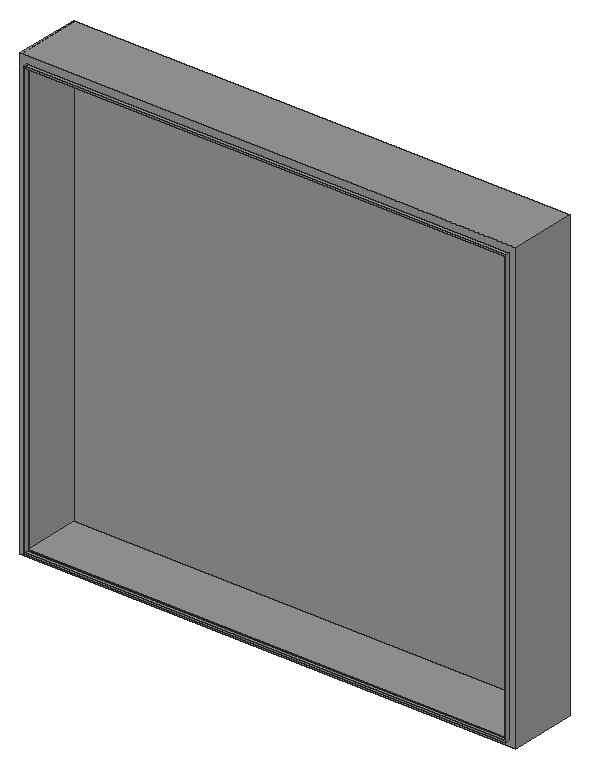
Revit family "Hager-Univers-IP30-D160-QS-Cl.II-FWQ_encl-NoHosted-AT-de", category Equipement électrique, Revit 2020
Family settings
  Configuration du panneau = Deux colonnes, circuits au sein
  Cote de connecteur circulaire = Utiliser le diamètre
  Type d'élément = Tableau de raccordement
  Basée sur le plan de construction = Oui
  Toujours verticalement = Oui
  Couper avec des vides une fois chargée = Non
  Partagée = Non
  Point de calcul de pièce = Non
Parameters (values of type "Aufputz IP30 B1050 H950 T160  - FWQ64D1")
  Width Control [instance] = if([EF000008 - Breite] > Min Width, [EF000008 - Breite], Min Width)  # 1050 mm
  Commentaires du type = [HG000003 - Bereich]  # "Univers"
  Thickness Door [instance] = if([EF009171 - Materialstärke Tür/Deckel] > 3 mm, 3 mm, [EF009171 - Materialstärke Tür/Deckel])  # 2 mm
  Seal Frame Offset [instance] = 17 mm  # constant formula
  Plinth Visibility [instance] = [HG000027 - Sockelhöhe] > 0 mm  # no
  Min Width [instance] = 100 mm  # constant formula
  Min Depth [instance] = (2 * [EF009170 - Materialstärke Gehäuse]) + 1 mm  # 5 mm
  Min Height [instance] = 100 mm  # constant formula
  Internal Frame Depth [instance] = (Door System Depth * 0.5)  # 9 mm
  Panel Name [instance] = ""  # (empty or 0)
  Model = ""
  HG000027 - Sockelhöhe = 0 mm
  HG000026 - Stehend auf dem Boden = no
  HG000024 - Höhe des unteren Teils = 600 mm
  HG000023 - Gehäuse mit doppeltem Querschnitt = no
  HG000016 - 3D-Türsichtbarkeit [instance] = yes
  HG000015 - Sichtbarkeit der Türöffnung [instance] = no
  HG000014 - Tür rechts [instance] = yes
  HG000013 - Tür links [instance] = not([HG000014 - Tür rechts])  # no
  HG000012 - Türschwenkwinkel [instance] = 30.00°
  HG000010 - Asymmetrische Türen = no
  HG000009 - Doppelflügeligen Tür = no
  HG000006 - Unterputz = no
  HG000004 - Herstellerreferenz = "FWQ64D1"
  HG000003 - Bereich = "Univers"
  HG000002 - Mit tür = no
  Frame Offset Bottom [instance] = 10 mm  # constant formula
  Frame Offset [instance] = 15 mm  # constant formula
  EF015940 - Deckel mit Überdruckentlastung = no
  EF011959 - Schutzart (NEMA) = ""
  EF009554 - Anzahl der Öffnungen für Flanschplatten = 8
  EF009212 - Ausführung Deckel = "EV009916 - mit Ausschnitt"
  EF009171 - Materialstärke Tür/Deckel = 2 mm
  EF009170 - Materialstärke Gehäuse = 2 mm
  EF008873 - Nennstrom (In) = 125 A
  EF007800 - Geeignet für Blitzschutz = no
  EF006306 - Mit Schloss = no
  EF006244 - Transparenter Deckel/Tür = no
  EF005474 - Schutzart (IP) = "EV006410 - IP30"
  EF004464 - Art der Tür = "EV002646 - Einzel"
  EF004427 - Anzahl der Module = 288
  EF004293 - Schlagfestigkeit = ""
  EF003532 - Geeignet für Außengebrauch = no
  EF002950 - Breite in Teilungseinheiten = 48
  EF001613 - Funktionserhalt = "EV000494 - ohne"
  EF001596 - Werkstoff des Gehäuses = "EV000179 - Stahl"
  EF001131 - Innentiefe = 160 mm
  EF001088 - Anbaumöglichkeit = yes
  EF000437 - Anzahl der Leitungseinführungen = 16
  EF000339 - Art der Abdeckung = "EV001012 - Deckel"
  EF000266 - Anzahl der Reihen = 24
  EF000218 - Einbautiefe = 0 mm
  EF000118 - Mit Montageplatte = yes
  EF000116 - RAL-Nummer = "9010"
  EF000049 - Tiefe = 160 mm
  EF000040 - Höhe = 950 mm
  EF000008 - Breite = 1050 mm
  EF000007 - Farbe = "EV000202 - weiß"
  EF000003 - Montageart = "EV000384 - Aufputz"
  Door System Leaf Tolerance [instance] = 1.5 mm  # constant formula
  Door System Depth [instance] = 18 mm  # constant formula
  Door Height [instance] = Height Control - [HG000027 - Sockelhöhe]  # 950 mm
  Description = ""
  Default Elevation = 1219.2 mm
  Connector Offset [instance] = Height Control / 2  # 475 mm
  Fabricant = "Hager"  # constant formula
  Height Control [instance] = if([EF000040 - Höhe] > Min Height, [EF000040 - Höhe], Min Height)  # 950 mm
  Depth Control [instance] = if([EF000049 - Tiefe] > Min Depth, [EF000049 - Tiefe], Min Depth)  # 160 mm
  Bottom Top Plate Trim [instance] = 1.5 mm  # constant formula
  Plinth height Ctrl [instance] = if([HG000027 - Sockelhöhe] > 0 mm, [HG000027 - Sockelhöhe], 12 mm)  # 12 mm
Reference planes
  plane 1 "Center (Front/Back)": y = 0
  plane 2: z = 0
  plane 3 "Center (Left/Right)": x = 0
  plane 4: y = 0
  plane 5: y = 0
  plane 6: z = 0
  plane 7: x = -525
  plane 8: x = 525
  plane 9: x = 523
  plane 10: x = -523
  plane 11: z = 0
  plane 12: z = 2
  plane 13: y = -160
  plane 14: y = -2
  plane 15: x = 0
  plane 16: y = -142
  plane 17: y = -158
  plane 18: y = -140
  plane 19: x = -508
  plane 20: x = 508
  plane 21: z = 12
  plane 22: x = -508
  plane 23: x = 508
  plane 24: z = 0
  plane 25: z = 950
  plane 26: z = 950
  plane 27: z = 933
  plane 28: z = 948
Forms (mm)
  Extrusion 1, solid, material "Hager_Steel_RAL7035_Light_Grey", detail levels medium+fine
    sketch origin (-208.679, -4572, 0) x (-1, 0, 0) y (0, -1, 0)
      loop
        line (316.321, -4430) -> (-733.679, -4430) -> (-733.679, -4572) -> (316.321, -4572) -> (316.321, -4430)
    from 0 to 950
  Extrusion 2, void
    sketch origin (-350.771, -160, 1219.2) x (1, 0, 0) y (0, 0, 1)
      loop
        line (-172.229, -271.2) -> (-172.229, -1217.2) -> (873.771, -1217.2) -> (873.771, -271.2) -> (-172.229, -271.2)
    from -20 to -158
  Extrusion 3, void
    sketch origin (-290.084, -142, 1219.2) x (1, 0, 0) y (0, 0, 1)
      loop
        line (-217.916, -1207.2) -> (798.084, -1207.2) -> (798.084, -286.2) -> (-217.916, -286.2) -> (-217.916, -1207.2)
    from 0 to -2
  Extrusion 4, solid, material "Hager_Steel_RAL7035_Light_Grey", visible <- "Plinth Visibility", detail levels medium+fine
    sketch origin (0, 0, 0) x (1, 0, 0) y (0, 1, 0)
      loop
        line (-525, 0) -> (-525, -142) -> (525, -142) -> (525, 0) -> (-525, 0)
    from 0 to 12 <- "Plinth height Ctrl"
  Extrusion 5, solid, material "Hager_Steel_RAL7035_Light_Grey", detail levels coarse
    sketch origin (0, 0, 0) x (1, 0, 0) y (0, 1, 0)
      loop
        line (-525, 0) -> (-525, -160) -> (525, -160) -> (525, 0) -> (-525, 0)
    from 0 to 950 <- "Height Control"
  Sweep 6, void
    path in 3D
      loop
        line (-525, -142, 12) -> (525, -142, 12) -> (525, 0, 12) -> (-525, 0, 12) -> (-525, -142, 12)
    profile origin (-525, -71, 12) x (1, 0, 0) y (0, 0, 1)
      loop
        line (0, 0) -> (0, -1.5) -> (1.5, -1.5)
        arc (1.5, -1.5) -> (1.061, -0.439) -> (0, 0) r 1.5
  Extrusion 7, solid, material "Hager_Steel_RAL7035_Light_Grey", detail levels fine
    sketch origin (-525, -142, 0) x (1, 0, 0) y (0, 0, 1)
      loop
        line (17, 12) -> (1033, 12) -> (1033, 933) -> (17, 933) -> (17, 12)
      loop
        line (15, 10) -> (1035, 10) -> (1035, 935) -> (15, 935) -> (15, 10)
    from 0 to 9 <- "Internal Frame Depth"
Cuts and joins
  Extrusion 2, Extrusion 3 cuts Extrusion 1
  Sweep 6 cuts Extrusion 4
Lines and regions (mm)
  Masking region 1
    outline origin (0, 0, 0) x (1, 0, 0) y (0, 1, 0)
      loop
        line (-525, 0) -> (-525, -160) -> (525, -160) -> (525, 0) -> (-525, 0)
  Masking region 2, detail levels coarse
    outline origin (-290.084, -142, 1219.2) x (-1, 0, 0) y (0, 0, 1)
      loop
        line (-815.084, -1219.2) -> (234.916, -1219.2) -> (234.916, -269.2) -> (-815.084, -269.2) -> (-815.084, -1219.2)
  Masking region 3, detail levels coarse
    outline origin (0, 0, 0) x (0, 1, 0) y (0, 0, 1)
      loop
        line (0, 0) -> (0, 950) -> (-160, 950) -> (-160, 0) -> (0, 0)
  Masking region 4, visible <- "Plinth Visibility", detail levels medium+fine
    outline origin (0, 0, 0) x (0, 1, 0) y (0, 0, 1)
      loop
        line (-1.5, 12) -> (-140.5, 12)
        arc (-140.5, 12) -> (-140.939, 10.939) -> (-142, 10.5) r 1.5
        line (-142, 10.5) -> (-142, 0) -> (0, 0) -> (0, 10.5)
        arc (0, 10.5) -> (-1.061, 10.939) -> (-1.5, 12) r 1.5
  Masking region 5, detail levels medium+fine
    outline origin (0, 0, 594.038) x (0, 1, 0) y (0, 0, 1)
      loop
        line (0, -594.038) -> (0, 355.962) -> (-142, 355.962) -> (-142, -594.038) -> (0, -594.038)
  Masking region 6, detail levels medium+fine
    outline origin (-359.7, -142, 1211.883) x (-1, 0, 0) y (0, 0, 1)
      loop
        line (-884.7, -1211.883) -> (165.3, -1211.883) -> (165.3, -261.883) -> (-884.7, -261.883) -> (-884.7, -1211.883)
  Masking region 7, visible <- "Plinth Visibility", detail levels medium+fine
    outline origin (-320.334, -142, 1041.368) x (-1, 0, 0) y (0, 0, 1)
      loop
        line (-845.334, -1041.368) -> (204.666, -1041.368) -> (204.666, -1030.868)
        arc (204.666, -1030.868) -> (203.606, -1030.429) -> (203.166, -1029.368) r 1.5
        line (203.166, -1029.368) -> (-843.834, -1029.368)
        arc (-843.834, -1029.368) -> (-844.273, -1030.429) -> (-845.334, -1030.868) r 1.5
        line (-845.334, -1030.868) -> (-845.334, -1041.368)
  sketch lines
    curve 1: line (-525, 0, 12) -> (-525, -142, 12)
    curve 2: line (-525, -142, 12) -> (525, -142, 12)
    curve 3: line (525, 0, 12) -> (-525, 0, 12)
    curve 4: line (525, -142, 12) -> (525, 0, 12)
Dimensions and locks
  locked: plane 1 "Center (Front/Back)" to plane 5
  "EF009170 - Materialstärke Gehäuse": plane 7 to plane 10
  "EF009170 - Materialstärke Gehäuse": plane 8 to plane 9
  equal spacing: plane 7, plane 3 "Center (Left/Right)", plane 8
  "Width Control": plane 7 to plane 8
  "Depth Control": plane 4 to plane 13
  "EF009170 - Materialstärke Gehäuse": plane 4 to plane 14
  "Height Control": plane 25 to level
  "HG000027 - Sockelhöhe": plane 11 to level
  "EF009170 - Materialstärke Gehäuse": plane 12 to plane 11
  "EF009170 - Materialstärke Gehäuse": plane 17 to plane 13
  "EF009170 - Materialstärke Gehäuse": plane 18 to plane 16
  "Frame Offset Bottom": plane 21 to plane 12
  "Frame Offset": plane 10 to plane 19
  "Frame Offset": plane 9 to plane 20
  "Door System Depth": plane 16 to plane 13
  "Seal Frame Offset": plane 7 to plane 22
  "Seal Frame Offset": plane 8 to plane 23
  "EF009170 - Materialstärke Gehäuse": plane 26 to plane 28
  "Frame Offset": plane 28 to plane 27
  "Connector Offset": plane 2 to connector elem
  "Bottom Top Plate Trim": profile plane to Sweep 6 sketch curve
  "Bottom Top Plate Trim": Sweep 6 sketch curve to Sweep 6 sketch curve
  "Plinth height Ctrl": Masking region 4 sketch curve to level
  "Plinth height Ctrl": Masking region 7 sketch curve to level
  "Thickness Door": Extrusion 7 sketch curve to Extrusion 7 sketch curve  (x4)
  "Bottom Top Plate Trim": radius of Sweep 6 sketch curve
  "Bottom Top Plate Trim": radius of Masking region 4 sketch curve  (x2)
  "Bottom Top Plate Trim": radius of Masking region 7 sketch curve  (x2)
  aligned and locked: Extrusion 2 sketch curve to plane 12
  aligned and locked: Extrusion 2 sketch curve to plane 9
  aligned and locked: Extrusion 2 sketch curve to plane 10
  aligned and locked: Extrusion 2 to plane 14
  aligned and locked: Extrusion 1 sketch curve to plane 4
  aligned and locked: plane 8 to Extrusion 1 sketch curve
  aligned and locked: plane 7 to Extrusion 1 sketch curve
  aligned and locked: Extrusion 2 to plane 18
  aligned and locked: Extrusion 3 sketch curve to plane 19
  aligned and locked: plane 20 to Extrusion 3 sketch curve
  aligned and locked: Extrusion 3 to Extrusion 2
  aligned and locked: Extrusion 3 sketch curve to plane 21
  aligned and locked: plane 3 "Center (Left/Right)" to nested 1
  aligned and locked: Extrusion 1 sketch curve to plane 16
  aligned and locked: Extrusion 4 sketch curve to cut or joined group of Extrusion 1, Extrusion 2, Extrusion 3
  aligned and locked: Masking region 1 sketch curve to plane 7
  aligned and locked: Masking region 1 sketch curve to plane 5
  aligned and locked: Masking region 1 sketch curve to plane 8
  aligned and locked: Masking region 2 sketch curve to level
  aligned and locked: level to Masking region 3 sketch curve
  aligned and locked: plane 1 "Center (Front/Back)" to Masking region 3 sketch curve
  aligned and locked: plane 13 to Masking region 3 sketch curve
  aligned and locked: plane 5 to Masking region 4 sketch curve
  aligned and locked: Masking region 2 sketch curve to plane 8
  aligned and locked: Masking region 2 sketch curve to plane 7
  aligned and locked: plane 7 to nested 2
  aligned and locked: nested 2 to plane 5
  aligned and locked: plane 5 to Masking region 5 sketch curve
  aligned and locked: plane 26 to Masking region 5 sketch curve
  aligned and locked: Extrusion 5 sketch curve to plane 8
  aligned and locked: Extrusion 5 sketch curve to plane 7
  aligned and locked: Extrusion 5 sketch curve to plane 5
  aligned and locked: Extrusion 3 sketch curve to plane 27
  aligned and locked: Extrusion 2 sketch curve to plane 28
  aligned and locked: Masking region 2 to plane 25
  aligned and locked: Extrusion 4 to plane 16
  aligned and locked: profile plane to Sweep 6 sketch curve
  aligned and locked: Masking region 5 sketch curve to plane 24
  aligned and locked: level to Masking region 4 sketch curve
  aligned and locked: Masking region 1 to plane 13
  aligned and locked: nested 1 to plane 16
  aligned and locked: Masking region 3 to plane 25
  aligned and locked: plane 16 to Masking region 4 sketch curve
  aligned and locked: Masking region 5 sketch curve to plane 16
  aligned and locked: plane 24 to plane 11
  aligned and locked: plane 26 to plane 25
  aligned and locked: plane 26 to cut or joined group of Extrusion 1, Extrusion 2, Extrusion 3
  aligned and locked: nested 1 to plane 24
  aligned and locked: Extrusion 1 to Extrusion 3
  aligned and locked: Masking region 6 sketch curve to plane 8
  aligned and locked: Masking region 6 sketch curve to plane 24
  aligned and locked: Masking region 6 sketch curve to plane 7
  aligned and locked: Masking region 6 sketch curve to plane 26
  aligned and locked: Masking region 7 sketch curve to plane 7
  aligned and locked: level to Masking region 7 sketch curve
  aligned and locked: Masking region 7 sketch curve to plane 8
  aligned and locked: Extrusion 7 sketch curve to cut or joined group of Extrusion 1, Extrusion 2, Extrusion 3  (x4)
Automatic sketch dimensions
  plane 19 to Extrusion 3 sketch curve = 0 mm
  Extrusion 3 sketch curve to plane 20 = 0 mm
  Extrusion 3 sketch curve to plane 21 = 0 mm
  Extrusion 4 sketch curve to plane 7 = 0 mm
  Extrusion 4 sketch curve to plane 8 = 0 mm
  Extrusion 4 sketch curve to plane 16 = 0 mm
  Masking region 1 sketch curve to plane 13 = 0 mm
  Masking region 2 sketch curve to plane 25 = 0 mm
  Masking region 3 sketch curve to plane 25 = 0 mm
  Extrusion 5 sketch curve to plane 13 = 0 mm
  profile plane to Sweep 6 sketch curve = 0 mm
Nested families
  nested 1: "EC000058_Univers_Door" at (0, -142, 0), Double <- "HG000009 - Doppelflügeligen Tür", Transparent <- "EF006244 - Transparenter Deckel/Tür", Angle <- "HG000012 - Türschwenkwinkel", Door_Right <- "HG000014 - Tür rechts", Assymetrical <- "HG000010 - Asymmetrische Türen", Door <- "HG000002 - Mit tür", Width_Ctrl <- "Width Control", 3d_Door <- "HG000016 - 3D-Türsichtbarkeit", Clearance <- "HG000015 - Sichtbarkeit der Türöffnung", Door_Left <- "HG000013 - Tür links", Width <- "Width Control", Door_Depth <- "Door System Depth", Leaf_Tolerance <- "Door System Leaf Tolerance", Height <- "Door Height", Lock_Visibility <- "EF006306 - Mit Schloss", Thickness <- "Thickness Door", type "EC000058_Univers_Door", detail levels medium+fine
    with min_wh 5 mm, Width_Ctrl 1050 mm, Width 1050 mm, Transparent no, Thickness 2 mm, Seal_Material Hager_Rubber, Lock_Visibility no, Lock_Material Hager_Plastic_RAL9005_Jet_Black, Leaf_Width 1050 mm, Leaf_Tolerance_External_Sides 0 mm, Leaf_Tolerance 1.5 mm, Leaf_Offset 0 mm, Leaf_Height 947 mm, Leaf_2_Width 1050 mm, Leaf_2_Offset 525 mm, Leaf_1_Width 1050 mm, Leaf_1_Offset 525 mm, Height_Ctrl 950 mm, Height 950 mm, Glass_Material Hager_Glass, Double_Clearance_Ctrl no, Double no, Door_Right_Ctrl no, Door_Right yes, Door_Material Hager_Steel_RAL7035_Light_Grey, Door_Left_Ctrl no, Door_Left no, Door_Depth 18 mm, Door no, Clearance_Material Hager_Clearance, Clearance_Depth 1050 mm, Clearance_Ctrl no, Clearance no, Assymetrical no, Angle 30.00°, 3d_Door yes
  nested 2: "Hager_Enclosure_Symbol" at (-525, 0, 0), Height <- "Depth Control", Width <- "Width Control", type "Hager_Enclosure_Symbol"
    with Width_Ctrl 1050 mm, Width 1050 mm, Height_Ctrl 160 mm, Height 160 mm, A_Width_Int 10.5 mm, A_Width 126 mm, A_Height_Ctrl 140 mm, A_Height 140 mm
Connectors
  electrical at (0, 0, 475)
    settings: on plane 1 "Center (Front/Back)", index 1, voltage 0 V, apparent load 0 VA, apparent load phase1 0 VA, apparent load phase2 0 VA, apparent load phase3 0 VA, power factor 1, load classification "Other", number of poles 1, system type 30, power factor state 1, is connector primary yes, connector utility no, sub classification motor no, connector description ""
Definition of nested family "EC000058_Univers_Door"
  Parameters (values of type "EC000058_Univers_Door")
    min_wh [instance] = (2 * Thickness) + 1 mm  # 11 mm
    Width_Ctrl [instance] = 400 mm
    Width [instance] = 500 mm
    Transparent [instance] = yes
    Thickness [instance] = 5 mm
    Seal_Material [instance] = none
    Lock_Visibility [instance] = yes
    Lock_Material [instance] = none
    Leaf_Width [instance] = if((Width_Ctrl - 2 * Leaf_Tolerance_External_Sides) > 0 mm, (Width_Ctrl - 2 * Leaf_Tolerance_External_Sides), min_wh)  # 400 mm
    Leaf_Tolerance_External_Sides [instance] = 0 mm  # constant formula
    Leaf_Tolerance [instance] = 1.5 mm
    Leaf_Offset [instance] = 0 mm  # constant formula
    Leaf_Height [instance] = if((Height_Ctrl - 2 * Leaf_Tolerance) > 0 mm, (Height_Ctrl - 2 * Leaf_Tolerance), min_wh)  # 497 mm
    Leaf_2_Width [instance] = if(and(and(Double, Assymetrical), Door_Left), (Leaf_Width / 3) - (Leaf_Tolerance / 2), if(and(and(Double, Assymetrical), Door_Right), (Leaf_Width / 3) * 2 - (Leaf_Tolerance / 2), if(and(Double, not(Assymetrical)), (Leaf_Width / 2) - Leaf_Tolerance, Leaf_Width)))  # 400 mm
    Leaf_2_Offset [instance] = if(and(Double, Assymetrical), Leaf_2_Width / 2, if(and(Double, not(Assymetrical)), Leaf_Width / 4, Leaf_Width / 2))  # 200 mm
    Leaf_1_Width [instance] = if(and(and(Double, Assymetrical), Door_Right), (Leaf_Width / 3) - (Leaf_Tolerance / 2), if(and(and(Double, Assymetrical), Door_Left), (Width / 3) * 2 - (Leaf_Tolerance / 2), if(and(Double, not(Assymetrical)), (Leaf_Width / 2) - Leaf_Tolerance, Leaf_Width)))  # 400 mm
    Leaf_1_Offset [instance] = if(and(Double, Assymetrical), Leaf_1_Width / 2, if(and(Double, not(Assymetrical)), Leaf_Width / 4, Leaf_Width / 2))  # 200 mm
    Height_Ctrl [instance] = if(Height > min_wh, Height, min_wh)  # 500 mm
    Height [instance] = 500 mm
    Glass_Material [instance] = none
    Double_Clearance_Ctrl [instance] = and(Double, Clearance)  # no
    Double [instance] = no
    Door_Right_Ctrl [instance] = and(or(Door_Right, Double), Door)  # yes
    Door_Right [instance] = yes
    Door_Material [instance] = none
    Door_Left_Ctrl [instance] = and(or(Door_Left, Double), Door)  # no
    Door_Left [instance] = no
    Door_Depth [instance] = 30 mm
    Door [instance] = yes
    Default Elevation = 1219.2 mm
    Clearance_Material [instance] = none
    Clearance_Depth [instance] = if(Leaf_1_Width > Leaf_2_Width, Leaf_1_Width, Leaf_2_Width)  # 400 mm
    Clearance_Ctrl [instance] = and(not(Double), Clearance)  # yes
    Clearance [instance] = yes
    Assymetrical [instance] = yes
    Angle [instance] = 30.00°
    3d_Door [instance] = yes
  Reference planes
    plane 1 "Center (Front/Back)": y = 0
    plane 2 "Bottom": z = 0
    plane 3 "Center (Left/Right)": x = 0
    plane 4: z = 500
    plane 5: x = -200
    plane 6: x = 200
    plane 7: z = 500
    plane 8: x = -200
    plane 9: z = 0
    plane 10: x = 200
    plane 11: y = 0
    plane 12: z = 1.5
    plane 13: x = -600
    plane 14: y = -400
    plane 15: x = 600
    plane 16: x = 0
    plane 17: x = 0
    plane 18: x = -200
    plane 19: x = 200
    plane 20: z = 498.5
  Forms (mm)
    Extrusion 1, solid, material <- "Clearance_Material", visible <- "Double_Clearance_Ctrl"
      sketch origin (1200, 0, 0) x (1, 0, 0) y (0, 0, -1)
        loop
          line (-1800, -498.5) -> (-600, -498.5) -> (-600, 0) -> (-1800, 0) -> (-1800, -498.5)
      from 0 to -400
  Dimensions and locks
    equal spacing: plane 5, plane 3 "Center (Left/Right)", plane 6
    "Width_Ctrl": plane 5 to plane 6
    "Leaf_Offset": plane 5 to plane 8
    "Leaf_Offset": plane 6 to plane 10
    "Leaf_Offset": plane 9 to level
    "Leaf_Offset": plane 4 to plane 7
    "Height_Ctrl": plane 4 to level
    "Leaf_Tolerance": plane 12 to plane 9
    locked: plane 11 to plane 1 "Center (Front/Back)"
    "Leaf_1_Offset": plane 18 to plane 16
    "Leaf_2_Offset": plane 17 to plane 19
    "Leaf_1_Width": plane 13 to plane 8
    "Leaf_2_Width": plane 10 to plane 15
    "Clearance_Depth": plane 14 to plane 1 "Center (Front/Back)"
    "Leaf_Tolerance_External_Sides": plane 8 to plane 18
    "Leaf_Tolerance_External_Sides": plane 19 to plane 10
    "Leaf_Tolerance": plane 7 to plane 20
    aligned and locked: level to plane 2 "Bottom"
    aligned and locked: nested 1 to plane 16
    aligned and locked: nested 2 to plane 17
    aligned and locked: Extrusion 1 to plane 13
    aligned and locked: plane 15 to Extrusion 1
    aligned and locked: Extrusion 1 to plane 14
    aligned and locked: plane 12 to nested 1
    aligned and locked: nested 2 to plane 12
    aligned and locked: Extrusion 1 to plane 11
    aligned and locked: plane 20 to Extrusion 1
    aligned and locked: nested 2 to plane 11
    aligned and locked: nested 1 to plane 11
  Automatic sketch dimensions
    Extrusion 1 sketch curve to level = 0 mm
    plane 5 to Extrusion 1 sketch curve = 400 mm
    plane 6 to Extrusion 1 sketch curve = 400 mm
    Extrusion 1 sketch curve to plane 4 = 1.5 mm
  Nested families
    nested 1: "EC000058_Univers_Door_Leaf" at (0, 0, 1.5), Width <- "Leaf_1_Width", visible <- "Door_Left_Ctrl", Leaf_Height <- "Leaf_Height", Angle <- "Angle", 3d_Door <- "3d_Door", Transparent <- "Transparent", Clearance Material <- "Clearance_Material", Clearance <- "Clearance_Ctrl", Door_Material <- "Door_Material", Glass_Material <- "Glass_Material", Door_Depth <- "Door_Depth", Lock_Material <- "Lock_Material", Seal_Material <- "Seal_Material", Lock_Visibility <- "Lock_Visibility", Thickness <- "Thickness", type "EC000058_Univers_Door_Leaf"
      with Width 400 mm, Transparent_Glass_Offset 30 mm, Transparent_Ctrl yes, Transparent yes, Thickness 5 mm, Standard no, Seal_Material none, Seal_D2 8 mm, Seal_D1 1 mm, Offset_Internal_Frame 10 mm, Lock_Width 20 mm, Lock_Visibility_3d yes, Lock_Visibility yes, Lock_Thickness_3 3 mm, Lock_Thickness_2 1 mm, Lock_Thickness_1 3 mm, Lock_Radius_Offset_2 16 mm, Lock_Radius_Offset_1 15 mm, Lock_Radius_2 5 mm, Lock_Radius 6 mm, Lock_Offset 5 mm, Lock_Material none, Lock_Height 80 mm, Lock_Cover_Top_Offset_2d 17 mm, Lock_Cover_Height -65 mm, Leaf_Height 497 mm, Internal_Seal_Thickness 8 mm, Internal_Seal_Depth_2 4.5 mm, Internal_Frame_Depth 25 mm, Glass_Thickness -1 mm, Glass_Offset -2 mm, Glass_Material none, Door_Material none, Door_Depth 30 mm, Clearance Material none, Clearance yes, Angle_Ctrl 30.00°, Angle 30.00°, 3d_Door yes
    nested 2: "EC000058_Univers_Door_Leaf" at (0, 0, 1.5) x (-1, 0, 0) z (0, 0, 1), Width <- "Leaf_2_Width", visible <- "Door_Right_Ctrl", Leaf_Height <- "Leaf_Height", Angle <- "Angle", 3d_Door <- "3d_Door", Transparent <- "Transparent", Clearance Material <- "Clearance_Material", Clearance <- "Clearance_Ctrl", Door_Material <- "Door_Material", Glass_Material <- "Glass_Material", Door_Depth <- "Door_Depth", Lock_Material <- "Lock_Material", Seal_Material <- "Seal_Material", Lock_Visibility <- "Lock_Visibility", Thickness <- "Thickness", type "EC000058_Univers_Door_Leaf"
      with Width 400 mm, Transparent_Glass_Offset 30 mm, Transparent_Ctrl yes, Transparent yes, Thickness 5 mm, Standard no, Seal_Material none, Seal_D2 8 mm, Seal_D1 1 mm, Offset_Internal_Frame 10 mm, Lock_Width 20 mm, Lock_Visibility_3d yes, Lock_Visibility yes, Lock_Thickness_3 3 mm, Lock_Thickness_2 1 mm, Lock_Thickness_1 3 mm, Lock_Radius_Offset_2 16 mm, Lock_Radius_Offset_1 15 mm, Lock_Radius_2 5 mm, Lock_Radius 6 mm, Lock_Offset 5 mm, Lock_Material none, Lock_Height 80 mm, Lock_Cover_Top_Offset_2d 17 mm, Lock_Cover_Height -65 mm, Leaf_Height 497 mm, Internal_Seal_Thickness 8 mm, Internal_Seal_Depth_2 4.5 mm, Internal_Frame_Depth 25 mm, Glass_Thickness -1 mm, Glass_Offset -2 mm, Glass_Material none, Door_Material none, Door_Depth 30 mm, Clearance Material none, Clearance yes, Angle_Ctrl 30.00°, Angle 30.00°, 3d_Door yes
  Definition of nested family "EC000058_Univers_Door_Leaf"
    Parameters (values of type "EC000058_Univers_Door_Leaf")
      Width [instance] = 2000 mm
      Transparent_Glass_Offset [instance] = 30 mm
      Transparent_Ctrl [instance] = and(Transparent, [3d_Door])  # yes
      Transparent [instance] = yes
      Thickness [instance] = 5 mm
      Standard [instance] = and(not(Transparent), [3d_Door])  # no
      Seal_Material [instance] = none
      Seal_D2 [instance] = 8 mm  # constant formula
      Seal_D1 [instance] = 1 mm  # constant formula
      Offset_Internal_Frame [instance] = 10 mm  # constant formula
      Lock_Width [instance] = 20 mm  # constant formula
      Lock_Visibility_3d [instance] = and(Lock_Visibility, [3d_Door])  # yes
      Lock_Visibility [instance] = yes
      Lock_Thickness_3 [instance] = 3 mm  # constant formula
      Lock_Thickness_2 [instance] = 1 mm  # constant formula
      Lock_Thickness_1 [instance] = 3 mm  # constant formula
      Lock_Radius_Offset_2 [instance] = Lock_Radius_Offset_1 + 1 mm  # 16 mm
      Lock_Radius_Offset_1 [instance] = 15 mm  # constant formula
      Lock_Radius_2 [instance] = Lock_Radius - 1 mm  # 5 mm
      Lock_Radius [instance] = 6 mm  # constant formula
      Lock_Offset [instance] = 5 mm  # constant formula
      Lock_Material [instance] = none
      Lock_Height [instance] = 80 mm  # constant formula
      Lock_Cover_Top_Offset_2d [instance] = Lock_Radius_Offset_2 + 1 mm  # 17 mm
      Lock_Cover_Height [instance] = -(Lock_Height - Lock_Radius_Offset_1)  # -65 mm
      Leaf_Height [instance] = 2720.336 mm
      Internal_Seal_Thickness [instance] = 8 mm  # constant formula
      Internal_Seal_Depth_2 [instance] = 4.5 mm  # constant formula
      Internal_Frame_Depth [instance] = if(Door_Depth - Thickness > 5 mm, Door_Depth - Thickness, 5 mm)  # 25 mm
      Glass_Thickness [instance] = if(Thickness > 15 mm, Glass_Offset + 10 mm, -1 mm)  # -1 mm
      Glass_Offset [instance] = if(Thickness > 15 mm, -(Thickness + 10 mm) / 2, -2 mm)  # -2 mm
      Glass_Material [instance] = none
      Door_Material [instance] = none
      Door_Depth [instance] = 30 mm
      Default Elevation = 0 mm
      Clearance Material [instance] = none
      Clearance [instance] = yes
      Angle_Ctrl [instance] = if(Angle > 180.00°, 180.00°, Angle)  # 90.00°
      Angle [instance] = 90.00°
      3d_Door [instance] = yes
    Reference planes
      plane 1 "Center (Front/Back)": y = 0
      plane 2: z = 0
      plane 3 "Center (Left/Right)": x = 0
      plane 4: y = 2000
      plane 5: x = -1000
      plane 6: x = 1000
      plane 7: x = -3000
      plane 8: z = 2720.336
      plane 9: z = 30
      plane 10: z = 2690.336
      plane 11: x = 970
      plane 12: x = -970
      plane 13: y = -3
      plane 14: z = 107.833
      plane 15: y = -5
      plane 16: y = -223.314
      plane 17: x = -1000
      plane 18: z = 1360.168
      plane 19: y = 30
    Forms (mm)
      Extrusion 1, solid, material <- "Clearance Material", visible <- "Clearance"
        sketch origin (0, 0, 0) x (1, 0, 0) y (0, 0, 1)
          loop
            line (-3000, 2720.336) -> (-3000, 0) -> (1000, 0) -> (1000, 2720.336) -> (-3000, 2720.336)
        from 0 to -2000
      Extrusion 2, solid, material <- "Door_Material", visible <- "Standard", detail levels medium+fine
        sketch origin (-1000, 0, 0) x (0, 1, 0) y (-1, 0, 0)
          loop
            line (0, 30) -> (0, 25) -> (2000, 25) -> (2000, 30) -> (0, 30)
        from 0 to 2720.336 <- "Leaf_Height"
      Extrusion 3, solid, material <- "Door_Material", visible <- "Transparent_Ctrl", detail levels medium+fine
        sketch origin (-1000, 0, 0) x (0, 1, 0) y (-1, 0, 0)
          loop
            line (0, 25) -> (2000, 25) -> (2000, 30) -> (0, 30) -> (0, 25)
        from 0 to 2720.336 <- "Leaf_Height"
      Extrusion 4, void
        sketch origin (-1025, 2000, 0) x (0, 1, 0) y (0, 0, -1)
          loop
            line (-30, -2690.336) -> (-30, -30) -> (-1970, -30) -> (-1970, -2690.336) -> (-30, -2690.336)
        from 0 to 5 <- "Thickness"
      Sweep 5, solid, material <- "Seal_Material", visible <- "Transparent_Ctrl", detail levels fine
        path in 3D
          loop
            line (-1025, 30, 30) -> (-1025, 30, 2690.336) -> (-1025, 1970, 2690.336) -> (-1025, 1970, 30) -> (-1025, 30, 30)
        profile origin (-1025, 1000, 30) x (1, 0, 0) y (0, 0, 1)
          loop
            line (0, 0) -> (0, -8) -> (1, -8) -> (1, 0) -> (0, 0)
      Extrusion 6, solid, material <- "Glass_Material", visible <- "Transparent_Ctrl", detail levels medium+fine
        sketch origin (-1030, 0, 0) x (0, 1, 0) y (0, 0, -1)
          loop
            line (1970, -2690.336) -> (1970, -30) -> (30, -30) -> (30, -2690.336) -> (1970, -2690.336)
        from -2 <- "Glass_Offset" to -1 <- "Glass_Thickness"
      Extrusion 7, solid, material <- "Door_Material", visible <- "3d_Door", detail levels medium+fine
        sketch origin (-1025, 2000, 0) x (0, -1, 0) y (0, 0, -1)
          loop
            line (0, -2720.336) -> (2000, -2720.336) -> (2000, 0) -> (0, 0) -> (0, -2720.336)
          loop
            line (1995, -5) -> (5, -5) -> (5, -2715.336) -> (1995, -2715.336) -> (1995, -5)
        from 0 to 25 <- "Internal_Frame_Depth"
      Sweep 8, solid, material <- "Seal_Material", visible <- "Transparent_Ctrl", detail levels fine
        path in 3D
          loop
            line (-1025, 0, 0) -> (-1025, 2000, 0) -> (-1025, 2000, 2720.336) -> (-1025, 0, 2720.336) -> (-1025, 0, 0)
        profile origin (-1025, 0, 1360.168) x (1, 0, 0) y (0, 1, 0)
          loop
            line (0, 10) -> (2.975, 10)
            arc (2.975, 10) -> (4.053, 10.447) -> (4.5, 11.525) r 1.525
            line (4.5, 11.525) -> (4.5, 16.527)
            arc (4.5, 16.527) -> (4.069, 17.569) -> (3.027, 18) r 1.473
            line (3.027, 18) -> (0, 18) -> (0, 10)
      Extrusion 9, solid, material <- "Lock_Material", visible <- "Lock_Visibility_3d", detail levels fine
        sketch origin (-1030, 0, 0) x (0, 1, 0) y (0, 0, -1)
          loop
            arc (1993.5, -1400.168) -> (1994.561, -1399.729) -> (1995, -1398.668) r 1.5
            line (1995, -1398.668) -> (1995, -1320.168) -> (1975, -1320.168) -> (1975, -1398.668)
            arc (1975, -1398.668) -> (1975.439, -1399.729) -> (1976.5, -1400.168) r 1.5
            line (1976.5, -1400.168) -> (1993.5, -1400.168)
        from 3 <- "Lock_Thickness_1" to 0
      Blend 10, solid, material <- "Lock_Material", visible <- "Lock_Visibility_3d", detail levels fine
        base sketch origin (-1033, 0, 0) x (0, 1, 0) y (0, 0, -1)
          loop
            line (1975, -1320.168) -> (1975, -1398.668)
            arc (1975, -1398.668) -> (1975.439, -1399.729) -> (1976.5, -1400.168) r 1.5
            line (1976.5, -1400.168) -> (1993.5, -1400.168)
            arc (1993.5, -1400.168) -> (1994.561, -1399.729) -> (1995, -1398.668) r 1.5
            line (1995, -1398.668) -> (1995, -1320.168) -> (1975, -1320.168)
        top sketch origin (-1033, 0, 0) x (0, 1, 0) y (0, 0, -1)
          loop
            line (1976, -1320.168) -> (1976, -1398.668)
            arc (1976, -1398.668) -> (1976.146, -1399.022) -> (1976.5, -1399.168) r 0.5
            line (1976.5, -1399.168) -> (1993.5, -1399.168)
            arc (1993.5, -1399.168) -> (1993.854, -1399.022) -> (1994, -1398.668) r 0.5
            line (1994, -1398.668) -> (1994, -1320.168) -> (1976, -1320.168)
        from 0 to 1 <- "Lock_Thickness_2"
      Blend 11, solid, material <- "Lock_Material", visible <- "Lock_Visibility_3d", detail levels fine
        base sketch origin (-1034, 0, 0) x (0, 1, 0) y (0, 0, -1)
          loop
            line (1978, -1320.168) -> (1978, -1384.168)
            arc (1978, -1384.168) -> (1985, -1391.168) -> (1992, -1384.168) r 7
            line (1992, -1384.168) -> (1992, -1320.168) -> (1978, -1320.168)
        top sketch origin (-1034, 0, 0) x (0, 1, 0) y (0, 0, -1)
          loop
            line (1991, -1320.168) -> (1979, -1320.168) -> (1979, -1383.168)
            arc (1979, -1383.168) -> (1985, -1389.168) -> (1991, -1383.168) r 6
            line (1991, -1383.168) -> (1991, -1320.168)
        from 0 to 3 <- "Lock_Thickness_3"
      Extrusion 12, solid, material <- "Lock_Material", visible <- "Lock_Visibility_3d", detail levels fine
        sketch origin (-1030, 1975, 1320.168) x (1, 0, 0) y (0, -1, 0)
          loop
            line (-7, -19) -> (-7, -1) -> (0, -1) -> (0, 0) -> (-8, 0) -> (-8, -20) -> (0, -20) -> (0, -19) -> (-7, -19)
        from 0 to -65 <- "Lock_Cover_Height"
      Extrusion 13, void
        sketch origin (-1038, 1995, 1320.168) x (-1, 0, 0) y (0, 0, -1)
          loop
            line (-5, -65) -> (0, -65) -> (-5, -60) -> (-5, -65)
        from 0 to 20 <- "Lock_Width"
      Extrusion 14, void
        sketch origin (-1038, 1975, 1320.168) x (0, -1, 0) y (0, 0, -1)
          loop
            circle (-10, -15.995) r 6
          loop
            circle (-10, -15.995) r 5
        from 0 to 2
      Extrusion 15, solid, material <- "Lock_Material", visible <- "Lock_Visibility_3d", detail levels medium
        sketch origin (-1030, 0, 0) x (0, 1, 0) y (0, 0, -1)
          loop
            arc (1993.5, -1400.168) -> (1994.561, -1399.729) -> (1995, -1398.668) r 1.5
            line (1995, -1398.668) -> (1995, -1320.168) -> (1975, -1320.168) -> (1975, -1398.668)
            arc (1975, -1398.668) -> (1975.439, -1399.729) -> (1976.5, -1400.168) r 1.5
            line (1976.5, -1400.168) -> (1993.5, -1400.168)
        from 8 to 0
    Cuts and joins
      Extrusion 4 cuts Extrusion 3
      Extrusion 13, Extrusion 14 cuts Extrusion 9
      Extrusion 14 cuts Blend 11
      Extrusion 13, Extrusion 14 cuts Extrusion 12
      joined: Extrusion 9, Blend 10, Blend 11, Extrusion 12
      Extrusion 14 cuts Extrusion 15
    Lines and regions (mm)
      Masking region 1, visible <- "Lock_Visibility", detail levels fine
        outline origin (0, 0, 0) x (0, 1, 0) y (0, 0, 1)
          loop
            line (30, 1320.168) -> (33, 1320.168) -> (33, 1400.168) -> (30, 1400.168) -> (30, 1320.168)
      Masking region 2, visible <- "Lock_Visibility", detail levels fine
        outline origin (0, 3.143, 0) x (0, 1, 0) y (0, 0, 1)
          loop
            line (29.857, 1354.168) -> (30.857, 1354.168) -> (30.857, 1366.168) -> (29.857, 1366.168) -> (29.857, 1354.168)
      Masking region 3, detail levels medium+fine
        outline origin (0, 0, 0) x (0, 1, 0) y (0, 0, 1)
          loop
            line (0, 0) -> (30, 0) -> (30, 2720.336) -> (0, 2720.336) -> (0, 0)
      Masking region 4, detail levels medium+fine
        outline origin (0, 0, 0) x (1, 0, 0) y (0, 0, 1)
          loop
            line (-1000, 2720.336) -> (-1000, 0) -> (1000, 0) -> (1000, 2720.336) -> (-1000, 2720.336)
      Masking region 5, visible <- "Lock_Visibility", detail levels fine
        outline origin (-47.116, 0, 0) x (1, 0, 0) y (0, 0, 1)
          loop
            arc (1024.616, 1399.168) -> (1023.556, 1398.729) -> (1023.116, 1397.668) r 1.5
            line (1023.116, 1397.668) -> (1023.116, 1320.168) -> (1041.116, 1320.168) -> (1041.116, 1397.668)
            arc (1041.116, 1397.668) -> (1040.677, 1398.729) -> (1039.616, 1399.168) r 1.5
            line (1039.616, 1399.168) -> (1024.616, 1399.168)
      Masking region 6, visible <- "Lock_Visibility", detail levels medium+fine
        outline origin (-25, 0, 0) x (1, 0, 0) y (0, 0, 1)
          loop
            arc (1001.5, 1400.168) -> (1000.439, 1399.729) -> (1000, 1398.668) r 1.5
            line (1000, 1398.668) -> (1000, 1320.168) -> (1020, 1320.168) -> (1020, 1398.668)
            arc (1020, 1398.668) -> (1019.561, 1399.729) -> (1018.5, 1400.168) r 1.5
            line (1018.5, 1400.168) -> (1001.5, 1400.168)
      Masking region 7, visible <- "Lock_Visibility", detail levels fine
        outline origin (-73.735, 0, 0) x (1, 0, 0) y (0, 0, 1)
          loop
            line (1051.735, 1382.168) -> (1065.735, 1382.168) -> (1065.735, 1384.168)
            arc (1065.735, 1384.168) -> (1058.735, 1391.168) -> (1051.735, 1384.168) r 7
            line (1051.735, 1384.168) -> (1051.735, 1382.168)
      Masking region 8, visible <- "Lock_Visibility", detail levels fine
        outline origin (-73.735, 0, 0) x (1, 0, 0) y (0, 0, 1)
          loop
            line (1052.735, 1382.168) -> (1064.735, 1382.168) -> (1064.735, 1383.168)
            arc (1064.735, 1383.168) -> (1058.735, 1389.168) -> (1052.735, 1383.168) r 6
            line (1052.735, 1383.168) -> (1052.735, 1382.168)
      Masking region 9, visible <- "Lock_Visibility", detail levels fine
        outline origin (-25, 0, 0) x (1, 0, 0) y (0, 0, 1)
          loop
            line (1020, 1320.168) -> (1020, 1382.168) -> (1000, 1382.168) -> (1000, 1320.168) -> (1020, 1320.168)
      Masking region 10, detail levels medium+fine
        outline origin (0, 0, 0) x (1, 0, 0) y (0, 0, 1)
          loop
            circle (985, 1335.144) r 6
      Masking region 11, detail levels fine
        outline origin (0, 0, 0) x (1, 0, 0) y (0, 0, 1)
          loop
            circle (985, 1335.144) r 5
      Masking region 12, visible <- "Lock_Visibility", detail levels fine
        outline origin (0, 12.767, 0) x (0, 1, 0) y (0, 0, 1)
          loop
            line (20.233, 1320.168) -> (21.233, 1320.168) -> (21.233, 1399.168) -> (20.233, 1400.168) -> (20.233, 1320.168)
      Masking region 13, visible <- "Lock_Visibility", detail levels fine
        outline origin (0, 13.767, -10) x (0, 1, 0) y (0, 0, 1)
          loop
            line (20.233, 1330.168) -> (23.233, 1330.168) -> (23.233, 1399.168) -> (20.233, 1402.168) -> (20.233, 1330.168)
      Masking region 14, visible <- "Lock_Visibility", detail levels fine
        outline origin (0, 12.767, -10) x (0, 1, 0) y (0, 0, 1)
          loop
            line (20.233, 1330.168) -> (25.233, 1330.168) -> (25.233, 1399.305) -> (20.233, 1394.305) -> (20.233, 1330.168)
      Masking region 15, visible <- "Lock_Visibility", detail levels medium
        outline origin (0, 0, 0) x (0, 1, 0) y (0, 0, 1)
          loop
            line (30, 1320.168) -> (38, 1320.168) -> (38, 1400.168) -> (30, 1400.168) -> (30, 1320.168)
      Masking region 16, visible <- "Lock_Visibility", detail levels fine
        outline origin (-1000, 0, 0) x (0, 1, 0) y (-1, 0, 0)
          loop
            line (1975, 30) -> (1995, 30) -> (1995, 38) -> (1975, 38) -> (1975, 30)
          loop
            line (1979, 37) -> (1976, 37) -> (1976, 34) -> (1978, 34) -> (1979, 37)
          loop
            line (1994, 37) -> (1991, 37) -> (1992, 34) -> (1994, 34) -> (1994, 37)
      Masking region 17, visible <- "Lock_Visibility", detail levels medium
        outline origin (-1000, 0, 0) x (0, 1, 0) y (-1, 0, 0)
          loop
            line (1975, 30) -> (1995, 30) -> (1995, 38) -> (1975, 38) -> (1975, 30)
      symbolic lines
        curve 1: line (1000, 0, 0) -> (-3000, 0, 0)
        curve 2: arc (1000, 0, 0) -> (-1000, 2000, 0) -> (-3000, 0, 0) r 2000
        curve 4: line (-1030, 0, 0) -> (-1030, 2000, 0)
      reference lines
        curve 3: line (-1000, 0, 0) -> (-1000, 2000, 0)
      symbolic lines, detail levels medium+fine
        curve 5: line (-1030, 2000, 0) -> (-1025, 2000, 0)
        curve 7: line (-1025, 0, 0) -> (-1030, 0, 0)
        curve 8: line (-1025, 0, 0) -> (-1000, 0, 0)
        curve 9: line (-1000, 0, 0) -> (-1000, 2000, 0)
        curve 10: line (-1000, 2000, 0) -> (-1025, 2000, 0)
      symbolic lines, detail levels fine
        curve 6: line (-1025, 2000, 0) -> (-1025, 0, 0)
      sketch lines
        curve 11: line (-1025, 0, 2720.336) -> (-1025, 0, 0)
        curve 12: line (-1025, 2000, 0) -> (-1025, 0, 0)
        curve 13: line (-1025, 2000, 2720.336) -> (-1025, 2000, 0)
        curve 14: line (-1025, 0, 2720.336) -> (-1025, 2000, 2720.336)
        curve 15: line (-1025, 1970, 30) -> (-1025, 30, 30)
        curve 16: line (-1025, 30, 30) -> (-1025, 30, 2690.336)
        curve 17: line (-1025, 1970, 2690.336) -> (-1025, 1970, 30)
        curve 18: line (-1025, 30, 2690.336) -> (-1025, 1970, 2690.336)
      symbolic lines, visible <- "Transparent", detail levels medium+fine
        curve 19: line (-970, 0, 2690.336) -> (970, 0, 2690.336)
        curve 20: line (-970, 0, 30) -> (-970, 0, 2690.336)
        curve 21: line (970, 0, 30) -> (-970, 0, 30)
        curve 22: line (970, 0, 2690.336) -> (970, 0, 30)
    Dimensions and locks
      "Width": plane 1 "Center (Front/Back)" to plane 4
      equal spacing: plane 5, plane 3 "Center (Left/Right)", plane 6
      "Width": plane 5 to plane 6
      "Width": plane 7 to plane 5
      "Leaf_Height": plane 8 to level
      "Width": curve 5 to curve 3
      "Width": curve 3 to curve 3
      plane 8 to plane 10 = 30 mm
      plane 9 to level = 30 mm
      plane 12 to plane 5 = 30 mm
      plane 6 to plane 11 = 30 mm
      Extrusion 1 to Extrusion 4 sketch curve = 30 mm
      "Transparent_Glass_Offset": curve 3 to Extrusion 4 sketch curve
      "Transparent_Glass_Offset": Extrusion 4 sketch curve to cut or joined group of Extrusion 3, Extrusion 4  (x2)
      cut or joined group of Extrusion 3, Extrusion 4 to Extrusion 6 sketch curve = 30 mm
      "Transparent_Glass_Offset": cut or joined group of Extrusion 3, Extrusion 4 to Extrusion 4 sketch curve
      "Thickness": curve 6 to curve 4
      "Thickness": Extrusion 7 sketch curve to Extrusion 7 sketch curve  (x4)
      "Door_Depth": curve 4 to curve 3
      "Offset_Internal_Frame": profile plane to Sweep 8 sketch curve
      "Internal_Seal_Thickness": Sweep 8 sketch curve to Sweep 8 sketch curve
      "Internal_Seal_Depth_2": profile plane to Sweep 8 sketch curve
      "Seal_D1": profile plane to Sweep 5 sketch curve
      "Seal_D2": profile plane to Sweep 5 sketch curve
      "Thickness": Extrusion 2 sketch curve to Extrusion 2 sketch curve
      equal spacing: Extrusion 9 sketch curve, plane 18, Extrusion 9 sketch curve  (x2)
      equal spacing: Masking region 1 sketch curve, plane 18, Masking region 1 sketch curve
      "Lock_Height": Masking region 1 sketch curve to Masking region 1 sketch curve
      "Lock_Radius": Masking region 2 sketch curve to plane 18 to Masking region 2 sketch curve
      Masking region 2 sketch curve to Masking region 1 = 1 mm
      "Door_Depth": plane 19 to plane 1 "Center (Front/Back)"
      "Lock_Thickness_1": Masking region 1 sketch curve to plane 19
      "Lock_Width": Extrusion 9 sketch curve to Extrusion 9 sketch curve
      "Lock_Height": Extrusion 9 sketch curve to Extrusion 9 sketch curve
      "Lock_Offset": cut or joined group of Extrusion 3, Extrusion 4 to Extrusion 9 sketch curve
      equal spacing: plane 8, plane 18, level
      "Lock_Radius_Offset_1": Blend 11 sketch curve to Blend 10
      locked: Blend 10 to Blend 11 sketch curve at 2  (x2)
      locked: var sketch to Blend 11 sketch curve at 1  (x2)
      "Lock_Radius_Offset_2": Blend 11 sketch curve to Blend 10
      locked: Extrusion 12 sketch curve to Extrusion 12 sketch curve at 1  (x3)
      Masking region 6 sketch curve to Masking region 6 sketch curve = 80 mm
      "Lock_Height": Masking region 6 sketch curve to Masking region 6 sketch curve
      "Lock_Width": Masking region 6 sketch curve to Masking region 6 sketch curve
      locked: Masking region 6 to Masking region 5 sketch curve at 1  (x3)
      locked: Masking region 5 to Masking region 7 sketch curve at 2  (x2)
      "Lock_Radius_Offset_1": Masking region 5 to Masking region 7 sketch curve
      "Lock_Radius_Offset_2": Masking region 5 to Masking region 8 sketch curve
      locked: Masking region 7 to Masking region 8 sketch curve at 1  (x2)
      "Lock_Cover_Top_Offset_2d": Masking region 5 to Masking region 9 sketch curve
      equal spacing: Masking region 9, Masking region 10 sketch curve, Masking region 9
      equal spacing: Masking region 9, Masking region 11 sketch curve, Masking region 9
      Extrusion 15 sketch curve to Extrusion 15 sketch curve = 80 mm
      "Lock_Width": Extrusion 15 sketch curve to Extrusion 15 sketch curve
      "Lock_Height": Extrusion 15 sketch curve to Extrusion 15 sketch curve
      equal spacing: Extrusion 15 sketch curve, plane 18, Extrusion 15 sketch curve
      "Lock_Thickness_3": Masking region 13 sketch curve to Masking region 13 sketch curve
      "Lock_Height": Masking region 12 sketch curve to Masking region 12 sketch curve
      locked: Masking region 13 sketch curve to Masking region 1 at 8
      locked: Masking region 14 sketch curve to Masking region 13 at 1
      locked: Masking region 14 sketch curve to Masking region 1 at 10.863
      "Lock_Height": Masking region 15 sketch curve to Masking region 15 sketch curve
      "Lock_Offset": Extrusion 15 sketch curve to cut or joined group of Extrusion 3, Extrusion 4
      "Lock_Offset": plane 6 to Masking region 6 sketch curve
      radius of Sweep 8 sketch curve = 1.525 mm
      radius of Sweep 8 sketch curve = 1.473 mm
      radius of Extrusion 9 sketch curve = 1.5 mm  (x2)
      "Lock_Radius": radius of Extrusion 14 sketch curve
      "Lock_Radius_2": radius of Extrusion 14 sketch curve
      "Lock_Radius": radius of Masking region 10 sketch curve
      "Lock_Radius_2": radius of Masking region 11 sketch curve
      radius of Extrusion 15 sketch curve = 1.5 mm  (x2)
      "Angle_Ctrl": angle plane 1 "Center (Front/Back)" to curve 3
      locked: Masking region 12 sketch curve to Masking region 12 sketch curve (angle 45.00°)
      locked: Masking region 13 sketch curve to Masking region 13 sketch curve (angle 45.00°)
      locked: Masking region 14 sketch curve to Masking region 14 sketch curve (angle 45.00°)
      aligned and locked: level to plane 2
      aligned and locked: Extrusion 1 to curve 1
      aligned and locked: plane 6 to Extrusion 1
      aligned and locked: Extrusion 1 to plane 1 "Center (Front/Back)"
      aligned and locked: plane 4 to Extrusion 1
      aligned and locked: plane 8 to Extrusion 1
      aligned and locked: curve 7 to Extrusion 2 sketch curve
      aligned and locked: curve 5 to Extrusion 2 sketch curve
      aligned and locked: curve 7 to Extrusion 3 sketch curve
      aligned and locked: Extrusion 3 sketch curve to curve 4
      aligned and locked: Extrusion 3 sketch curve to curve 6
      aligned and locked: Extrusion 3 sketch curve to curve 5
      aligned and locked: curve 9 to curve 3
      aligned and locked: Extrusion 7 sketch curve to cut or joined group of Extrusion 3, Extrusion 4  (x4)
      aligned and locked: plane 17 to curve 3
      aligned and locked: plane 1 "Center (Front/Back)" to curve 3
      aligned and locked: plane 17 to plane 5
      aligned and locked: Sweep 8 sketch curve to profile plane
      aligned and locked: Sweep 5 sketch curve to profile plane  (x2)
      aligned and locked: Masking region 1 to Masking region 2 sketch curve
      aligned and locked: plane 19 to Masking region 1 sketch curve
      aligned and locked: plane 1 "Center (Front/Back)" to Masking region 3 sketch curve
      aligned and locked: plane 19 to Masking region 3 sketch curve
      aligned and locked: level to Masking region 3 sketch curve
      aligned and locked: Masking region 3 sketch curve to plane 8
      aligned and locked: plane 17 to Masking region 4 sketch curve
      aligned and locked: level to Masking region 4 sketch curve
      aligned and locked: Masking region 4 sketch curve to plane 8
      aligned and locked: plane 12 to curve 20
      aligned and locked: plane 10 to curve 19
      aligned and locked: plane 11 to curve 22
      aligned and locked: curve 21 to plane 9
      aligned and locked: Extrusion 2 sketch curve to cut or joined group of Extrusion 3, Extrusion 4
      aligned and locked: Blend 10 sketch curve to Extrusion 9  (x4)
      aligned and locked: Extrusion 9 to Blend 10 sketch curve
      aligned and locked: Blend 10 to Blend 11 sketch curve
      aligned and locked: Extrusion 12 sketch curve to Blend 11
      aligned and locked: Extrusion 12 sketch curve to Extrusion 9  (x4)
      aligned and locked: Masking region 5 sketch curve to Masking region 6
      aligned and locked: Masking region 9 sketch curve to Masking region 6  (x3)
      aligned and locked: Masking region 12 sketch curve to Masking region 1
      aligned and locked: Masking region 13 sketch curve to Masking region 1
      aligned and locked: Masking region 12 to Masking region 14
      aligned and locked: Masking region 14 sketch curve to Masking region 1
      aligned and locked: Masking region 15 sketch curve to Masking region 14
      aligned and locked: Masking region 13 sketch curve to Masking region 12
      aligned and locked: Masking region 16 sketch curve to cut or joined group of Extrusion 14, Extrusion 15  (x4)
      aligned and locked: Masking region 16 sketch curve to cut or joined group of Extrusion 9, Blend 10, Blend 11, Extrusion 12, Extrusion 13, Extrusion 14  (x6)
      aligned and locked: cut or joined group of Extrusion 9, Blend 10, Blend 11, Extrusion 12, Extrusion 13, Extrusion 14 to Masking region 16 sketch curve
      aligned and locked: Masking region 17 sketch curve to cut or joined group of Extrusion 14, Extrusion 15  (x3)
      aligned and locked: Masking region 17 sketch curve to cut or joined group of Extrusion 9, Blend 10, Blend 11, Extrusion 12, Extrusion 13, Extrusion 14
      aligned and locked: Masking region 9 to Masking region 8 sketch curve
      aligned and locked: Masking region 9 to Masking region 7 sketch curve
    Automatic sketch dimensions
      plane 1 "Center (Front/Back)" to curve 2 = 0 mm
      curve 2 to plane 5 = 0 mm
      Extrusion 1 sketch curve to level = 0 mm
      Extrusion 1 sketch curve to plane 7 = 0 mm
      Extrusion 1 sketch curve to plane 6 = 0 mm
      Extrusion 1 sketch curve to plane 8 = 0 mm
      Extrusion 3 to Extrusion 6 sketch curve = 30 mm  (x4)
      Masking region 4 sketch curve to plane 6 = 0 mm
      Blend 10 sketch curve to Extrusion 9 = 1.5 mm
      Blend 10 sketch curve to Extrusion 9 = 1 mm
      Extrusion 13 sketch curve to Extrusion 12 = 0 mm  (x2)
      Extrusion 12 to Extrusion 13 sketch curve = 3 mm
      Extrusion 13 sketch curve to Extrusion 12 = 5 mm
      Extrusion 14 sketch curve to Extrusion 14 sketch curve = 0 mm  (x2)
      Extrusion 14 sketch curve to Extrusion 12 = 10 mm
      Extrusion 14 sketch curve to Extrusion 12 = 15.995 mm
      Masking region 5 sketch curve to Masking region 5 sketch curve = 1.5 mm  (x2)
      Masking region 10 sketch curve to plane 18 = 25.024 mm
      Masking region 11 sketch curve to plane 18 = 25.024 mm
      plane 19 to Masking region 14 sketch curve = 3 mm
      Masking region 16 sketch curve to Masking region 16 sketch curve = 3 mm
      curve 4 to curve 3 = 0 mm
      Blend 10 to Blend 11 sketch curve = 0 mm
      Masking region 6 sketch curve to Masking region 6 sketch curve = 1.5 mm  (x2)
      Masking region 6 sketch curve to plane 18 = 40 mm
      plane 19 to Masking region 12 sketch curve = 3 mm
      Masking region 12 sketch curve to Masking region 12 sketch curve = 1 mm
      Masking region 15 sketch curve to plane 19 = 0 mm
      Masking region 15 sketch curve to plane 18 = 40 mm
      radius of Blend 10 sketch curve to Extrusion 9 = 1 mm
Definition of nested family "Hager_Enclosure_Symbol"
  Parameters (values of type "Hager_Enclosure_Symbol")
    Width_Ctrl [instance] = if(Width > 1 mm, Width, 1 mm)  # 102.27 mm
    Width [instance] = 102.27 mm
    Height_Ctrl [instance] = if(Height > 1 mm, Height, 1 mm)  # 66.5 mm
    A_Width_Int [instance] = if(A_Width / 12 > 2 mm, A_Width / 12, 2 mm)  # 4.364 mm
    A_Width [instance] = if(A_Height_Ctrl * 0.9 > 2 mm, A_Height_Ctrl * 0.9, 2 mm)  # 52.369 mm
    A_Height_Ctrl [instance] = if(A_Height > 2 mm, A_Height, 2 mm)  # 58.188 mm
    Height [instance] = 66.5 mm
    A_Height [instance] = Height - (Height / 8)  # 58.188 mm
  Reference planes
    plane 1 "Centre (avant/arrière)": y = 0
    plane 2: z = 0
    plane 3 "Centre (gauche/droite)": x = 0
    plane 4: x = 52.369
    plane 5: y = 33.042
    plane 6: y = 41.77
    plane 7: y = 66.5
    plane 8: x = 26.184
    plane 9: y = 37.406
    plane 10: x = 102.27
    plane 11: y = 66.5
    plane 12: y = 8.313
  Lines and regions (mm)
    Filled region 1, type "Solid_Black", in view "Niveau de réf."
      outline origin (0, 0, 0) x (1, 0, 0) y (0, 1, 0)
        loop
          line (52.369, 66.5) -> (33.188, 54.536) -> (45.365, 45.006) -> (52.369, 66.5)
    Filled region 2, type "Solid_Black", in view "Niveau de réf."
      outline origin (0, 0, 0) x (1, 0, 0) y (0, 1, 0)
        loop
          line (0, 0) -> (102.27, 0) -> (102.27, 66.5) -> (0, 0)
    detail lines, in view "Niveau de réf."
      curve 1: line (0, 8.313, 0) -> (26.184, 41.77, 0)
      curve 2: line (26.184, 41.77, 0) -> (26.184, 33.042, 0)
      curve 3: line (26.184, 33.042, 0) -> (52.369, 66.5, 0)
  Dimensions and locks
    "A_Width": plane 3 "Centre (gauche/droite)" to plane 4
    equal spacing: plane 3 "Centre (gauche/droite)", plane 8, plane 4
    equal spacing: plane 6, plane 9, plane 5
    equal spacing: curve 3, Filled region 1 sketch curve, Filled region 1 sketch curve
    "Height_Ctrl": plane 1 "Centre (avant/arrière)" to plane 11
    "A_Height_Ctrl": plane 11 to plane 12
    equal spacing: plane 11, plane 9, plane 12
    "A_Width_Int": plane 6 to plane 9
    "Width_Ctrl": plane 3 "Centre (gauche/droite)" to plane 10
    angle Filled region 1 sketch curve to curve 3 = 20.00°
    angle curve 3 to Filled region 1 sketch curve = 20.00°
    locked: curve 3 to Filled region 1 sketch curve (angle 90.00°)
    aligned and locked: plane 10 to Filled region 2
    aligned and locked: plane 11 to Filled region 2 sketch curve
    aligned and locked: plane 10 to Filled region 2 sketch curve
    aligned and locked: plane 3 "Centre (gauche/droite)" to curve 1
    aligned and locked: plane 12 to curve 1
    aligned and locked: plane 7 to plane 11
  Automatic sketch dimensions
    Filled region 1 sketch curve to plane 4 = 0 mm
    Filled region 1 sketch curve to plane 7 = 0 mm
    plane 1 "Centre (avant/arrière)" to Filled region 2 sketch curve = 0 mm
    Filled region 2 sketch curve to plane 3 "Centre (gauche/droite)" = 0 mm
    curve 2 to plane 6 = 0 mm
    curve 2 to plane 8 = 0 mm
    curve 3 to plane 4 = 0 mm
    curve 2 to plane 5 = 0 mm
    curve 3 to plane 7 = 0 mm
